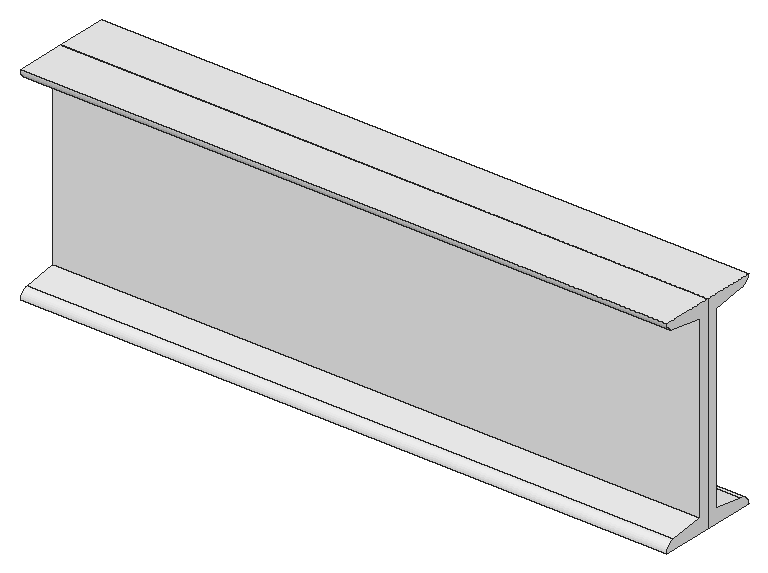
Revit family
Parameters (values of type "2C380X74")
  시작 확장 계산 [instance] = 3012.5 mm + 시작 확장  # 3000 mm
  시작 확장 [instance] = -12.5 mm
  끝 확장 계산 [instance] = 3012.5 mm + 끝 확장  # 3000 mm
  끝 확장 [instance] = -12.5 mm
  보 재료 [instance] = 금속 - 스틸 - 345 MPa
  A = 19000.00 mm²
  Assembly Code = "B10"
  Length [instance] = 1500 mm
  공간 = 0 mm
  W = 1.46
  bf = 94.4 mm
  d = 381 mm
  tf = 16.5 mm
  tw = 18.2 mm
Reference planes
  plane 1 "중심(앞/뒤)": y = 0
  plane 2: z = 0
  plane 3 "중심(왼쪽/오른쪽)": x = 4.61
  plane 4 "왼쪽 부재": x = -706.59
  plane 5 "오른쪽 부재": x = 487.21
  plane 6: y = 94.4
  plane 7: y = -94.4
  plane 8: z = -190.5
  plane 9: y = 0
  plane 10: y = 0
  plane 11 "왼쪽": x = -871.69
  plane 12 "오른쪽": x = 628.31
  plane 13: x = -706.59
  plane 14: x = 487.21
  plane 15: x = 2293.41
  plane 16: x = -2512.79
  plane 17: z = 190.5
Forms (mm)
  Sweep 1, solid, material "금속 - 스틸 - 345 MPa" <- "보 재료", detail levels fine
    path origin (0, 0, 0) x (1, 0, 0) y (0, 1, 0)
      loop
        line (487.21, 0) -> (-706.59, 0)
    profile "M_이중 C-채널-프로파일-섬세 : M_이중 C-채널-프로파일-섬세" origin (-109.69, 0, 0) x (0, -1, 0) y (0, 0, 1)
      loop
        line (0, -190.5) -> (94.4, -190.5)
        arc (94.4, -190.5) -> (89.567, -178.833) -> (77.9, -174) r 16.5
        line (77.9, -174) -> (18.2, -164.544) -> (18.2, 164.544) -> (77.9, 174)
        arc (77.9, 174) -> (89.567, 178.833) -> (94.4, 190.5) r 16.5
        line (94.4, 190.5) -> (0, 190.5) -> (0, -190.5)
  Sweep 2, solid, material "금속 - 스틸 - 345 MPa" <- "보 재료", detail levels medium
    path origin (0, 0, 0) x (1, 0, 0) y (0, 1, 0)
      loop
        line (487.21, 0) -> (-706.59, 0)
    profile "M_이중 C-채널-프로파일-중간 : M_이중 C-채널-프로파일-중간" origin (-109.69, 0, 0) x (0, -1, 0) y (0, 0, 1)
      loop
        line (0, -190.5) -> (0, 190.5) -> (-94.4, 190.5) -> (-94.4, 174) -> (-18.2, 161.931) -> (-18.2, -161.931) -> (-94.4, -174) -> (-94.4, -190.5) -> (0, -190.5)
  Sweep 3, solid, material "금속 - 스틸 - 345 MPa" <- "보 재료", detail levels fine
    path origin (0, 0, 0) x (1, 0, 0) y (0, -1, 0)
      loop
        line (487.21, 0) -> (-706.59, 0)
    profile "M_이중 C-채널-프로파일-섬세 : M_이중 C-채널-프로파일-섬세" origin (-109.69, 0, 0) x (0, -1, 0) y (0, 0, 1)
      loop
        line (0, -190.5) -> (0, 190.5) -> (-94.4, 190.5)
        arc (-94.4, 190.5) -> (-89.567, 178.833) -> (-77.9, 174) r 16.5
        line (-77.9, 174) -> (-18.2, 164.544) -> (-18.2, -164.544) -> (-77.9, -174)
        arc (-77.9, -174) -> (-89.567, -178.833) -> (-94.4, -190.5) r 16.5
        line (-94.4, -190.5) -> (0, -190.5)
  Sweep 4, solid, material "금속 - 스틸 - 345 MPa" <- "보 재료", detail levels medium
    path origin (0, 0, 0) x (1, 0, 0) y (0, -1, 0)
      loop
        line (487.21, 0) -> (-706.59, 0)
    profile "M_이중 C-채널-프로파일-중간 : M_이중 C-채널-프로파일-중간" origin (-109.69, 0, 0) x (0, -1, 0) y (0, 0, 1)
      loop
        line (0, -190.5) -> (94.4, -190.5) -> (94.4, -174) -> (18.2, -161.931) -> (18.2, 161.931) -> (94.4, 174) -> (94.4, 190.5) -> (0, 190.5) -> (0, -190.5)
Lines and regions (mm)
  symbolic lines, style "숨겨진 면", detail levels medium+fine
    curve 1: line (-706.59, 18.2, 0) -> (487.21, 18.2, 0)
    curve 2: line (-706.59, -18.2, 0) -> (487.21, -18.2, 0)
  symbolic lines, style "기호 부착", detail levels coarse
    curve 3: line (4.61, 0, -190.5) -> (4.61, 0, 190.5)
    curve 4: line (4.61, 0, 190.5) -> (4.61, 94.4, 190.5)
    curve 5: line (4.61, 0, 190.5) -> (4.61, -94.4, 190.5)
    curve 6: line (4.61, 0, -190.5) -> (4.61, 0, 190.5)
    curve 7: line (4.61, 0, -190.5) -> (4.61, 94.4, -190.5)
    curve 8: line (4.61, 0, -190.5) -> (4.61, -94.4, -190.5)
Dimensions and locks
  equal spacing: plane 9, plane 1 "중심(앞/뒤)", plane 10
  "bf": plane 10 to plane 7
  "bf": plane 6 to plane 9
  "공간": plane 9 to plane 10
  "Length": plane 11 "왼쪽" to plane 12 "오른쪽"
  plane 4 "왼쪽 부재" to plane 15 = 3000 mm
  plane 16 to plane 5 "오른쪽 부재" = 3000 mm
  "끝 확장 계산": plane 16 to plane 14
  "시작 확장 계산": plane 13 to plane 15
  equal spacing: plane 17, level, plane 8
  "d": plane 17 to plane 8
  "tw": curve 2 to plane 10
  "tw": plane 9 to curve 1
  aligned and locked: Sweep 1 sketch curve to plane 1 "중심(앞/뒤)"
  aligned and locked: Sweep 2 sketch curve to plane 1 "중심(앞/뒤)"
  aligned and locked: curve 3 to Sweep 2
  aligned and locked: Sweep 2 to curve 4
  aligned and locked: plane 13 to Sweep 2 sketch curve
  aligned and locked: plane 14 to Sweep 2 sketch curve
  aligned and locked: plane 13 to Sweep 1 sketch curve
  aligned and locked: plane 14 to Sweep 1 sketch curve
  aligned and locked: plane 13 to curve 1
  aligned and locked: plane 13 to curve 2
  aligned and locked: plane 14 to curve 1
  aligned and locked: plane 14 to curve 2
  aligned and locked: plane 2 to level
  aligned and locked: plane 6 to curve 4
  aligned and locked: plane 17 to Sweep 2
  aligned and locked: plane 8 to Sweep 2
  aligned and locked: plane 6 to Sweep 2  (x4)
  aligned and locked: Sweep 2 to plane 9
  aligned and locked: plane 9 to curve 4
  aligned and locked: plane 10 to curve 5
  aligned and locked: plane 7 to curve 5
  aligned and locked: curve 6 to plane 10
  aligned and locked: plane 17 to curve 6
  aligned and locked: curve 7 to plane 8
  aligned and locked: plane 8 to curve 8
  aligned and locked: plane 7 to curve 8
  aligned and locked: plane 6 to curve 7
  aligned and locked: plane 13 to Sweep 1
  aligned and locked: plane 13 to Sweep 2
  aligned and locked: plane 14 to Sweep 1  (x2)
  aligned and locked: plane 14 to Sweep 2  (x2)
  aligned and locked: Sweep 2 to plane 13
  aligned and locked: plane 13 to Sweep 4
  aligned and locked: plane 14 to Sweep 4
  aligned and locked: Sweep 1 to plane 13
  aligned and locked: plane 13 to Sweep 3
  aligned and locked: plane 14 to Sweep 3
Automatic sketch dimensions
  Sweep 3 sketch curve to plane 1 "중심(앞/뒤)" = 0 mm
  Sweep 3 sketch curve to plane 13 = 0 mm
  Sweep 3 sketch curve to plane 14 = 0 mm
  Sweep 4 sketch curve to plane 1 "중심(앞/뒤)" = 0 mm
  Sweep 4 sketch curve to plane 13 = 0 mm
  Sweep 4 sketch curve to plane 14 = 0 mm
